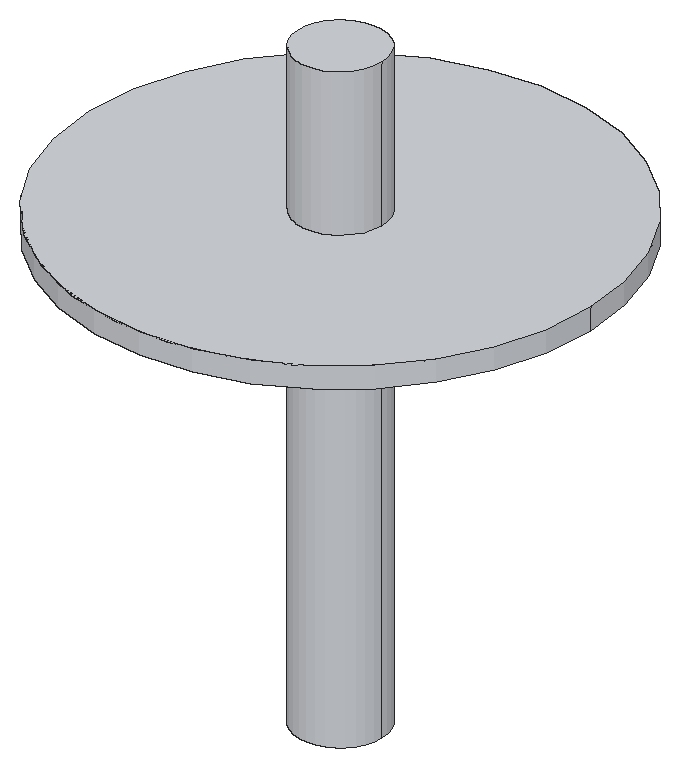
Revit family "5be3a1bcbc8041cdbcfab9579cbe85e3", category Sprinklers, host Face, Revit 2021
Family settings
  Host = Face
  Maintain Annotation Orientation = Yes
  Round Connector Dimension = Use Radius
  Part Type = Normal
  OmniClass Number = 23.65.70.17.11.24
  OmniClass Title = Fire Fighting Sprinkler Heads
  Seek Item ID = Sprinkler - Dry - Pendent - Semi-Recessed - Hosted-0000-USA-ENU
  Cut with Voids When Loaded = No
  Shared = No
  Room Calculation Point = No
Parameters (values of type "1/2" Dry Pendent")
  Temperature Rating = 135 °F
  Symbol [instance] = Sprinkler - Symbol - Pendent : Sprinkler - Symbol - Pendent
  Response = Standard
  Pressure Drop [instance] = 7.00 psi
  Pressure Class = Standard
  Orifice Size = 1/2"
  Orifice = Standard
  K-Factor = 5.6
  Flow [instance] = 30 GPM
  Escutcheon Diameter = 3"
  Coverage = Standard
  Nominal Diameter = Nominal Radius * 2  # 1/2"
  Nominal Radius = 1/4"
  Escutcheon Radius = 0.5 * Escutcheon Diameter  # 1 1/2"
  Protrusion = 1"
  Overall Length = 3 7/8"
  Escutcheon Thickness = 1/8"
  Default Elevation = 8' - 0"
  CEL = 1/4"
  Assembly Code = ""
Types (4): name | Symbol
  1/2" Dry Pendent | Sprinkler - Symbol - Pendent : Sprinkler - Symbol - Pendent
  1/2" Dry Pendent on Drop | Sprinkler - Symbol - Pendent on Drop : Sprinkler - Symbol - Pendent on Drop
  1/2" Dry Pendent on Drop with Guard | Sprinkler - Symbol - Pendent on Drop with Guard : Sprinkler - Symbol - Pendent on Drop with Guard
  1/2" Dry Pendent with Guard | Sprinkler - Symbol - Pendent with Guard : Sprinkler - Symbol - Pendent with Guard
Reference planes (in)
  plane 1 "Center (Front/Back)": y = 0
  plane 2: z = 0
  plane 3 "Center (Left/Right)": x = 0
  plane 4: z = -2.875
  plane 5: z = 0.125
  plane 6: z = 1
  plane 7: z = -2.625
Forms (in)
  Extrusion 1, solid
    sketch origin (0, 0, 0) x (1, 0, 0) y (0, 1, 0)
      loop
        circle (0, 0) r 0.25
    from -2.625 to 1
  Extrusion 2, solid
    sketch origin (0, 0, 0) x (1, 0, 0) y (0, 1, 0)
      loop
        circle (0, 0) r 1.5
    from 0 to 0.125
Cuts and joins
  joined: Extrusion 1, Extrusion 2
Dimensions and locks (in)
  "Escutcheon Thickness": plane 5 to level
  "Protrusion": plane 6 to level
  "Overall Length": plane 6 to plane 4
  "CEL": plane 7 to plane 4
  "Nominal Radius": radius of Extrusion 1 sketch curve
  "Escutcheon Radius": radius of Extrusion 2 sketch curve
  aligned and locked: plane 2 to host face
  aligned and locked: level to host face
  aligned and locked: Extrusion 2 to level
  aligned and locked: plane 5 to Extrusion 2
  aligned and locked: plane 6 to Extrusion 1
  aligned and locked: Extrusion 1 to plane 7
Automatic sketch dimensions
  Extrusion 1 sketch curve to plane 1 "Center (Front/Back)" = 0' - 0"
  Extrusion 1 sketch curve to plane 3 "Center (Left/Right)" = 0' - 0"
  Extrusion 2 sketch curve to plane 1 "Center (Front/Back)" = 0' - 0"
  Extrusion 2 sketch curve to plane 3 "Center (Left/Right)" = 0' - 0"
  host sketch curve to host sketch curve = 8' - 0"  (x2)
Nested families (in)
  nested 1: "Sprinkler - Symbol - Pendent" at (0, 0, 0), type <- "Symbol", type "Sprinkler - Symbol - Pendent"
Connectors (in)
  piping at (0, 0, -2.625), diameter 0.5, driven by "Nominal Radius", driven by "Flow", driven by "Pressure Drop"
    settings: on cut or joined group of Extrusion 1, Extrusion 2, index 1, connector inside diameter 1/2", connector length 0' - 0", flow factor 0, pipe flow 30 GPM, pressure drop 7.00 psi, fitting loss kfactor 0, connector angle 0.00°, fixture units 0, engagement length 0' - 0", angle of deflection 0.00°, flow configuration 1, flow direction 1, fitting loss method 4, system type 24, joint type 0, gender type 0, connector reference index -1, connector utility 0, adjustable connector no, is connector primary yes, connector description "In"
Definition of nested family "Sprinkler - Symbol - Pendent"
  Parameters
    Symbol Radius = 0.5 * Symbol Diameter  # 0' - 0 1/16"
    Symbol Diameter = 0' - 0 1/8"
  Reference planes (in)
    plane 1: y = 0
    plane 2: x = 0
  Lines and regions (in)
    detail lines
      curve 1: circle (0, 0, 0) r 0.0625 normal (0, 0, 1)
  Dimensions and locks (in)
    "Symbol Radius": radius of curve 1
  Automatic sketch dimensions
    curve 1 to plane 1 = 0' - 0"
    curve 1 to plane 2 = 0' - 0"
